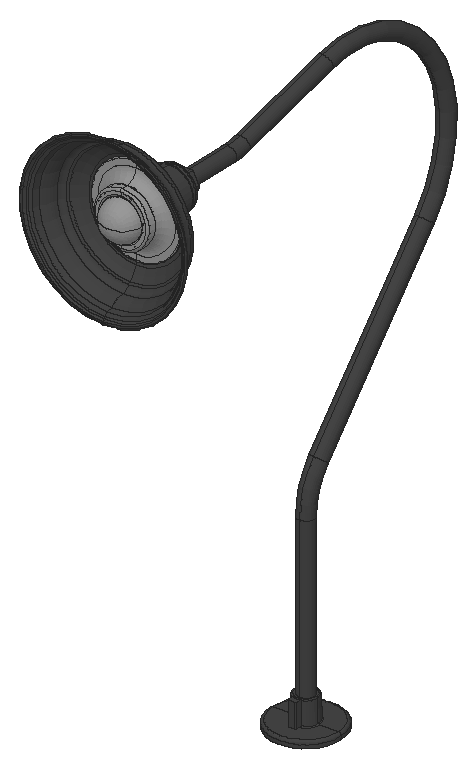
Revit family "BLE-G-WHB-G2-LED", category Lighting Fixtures, host Face, Revit 2022 (continued)
Definition of nested family "WHB Shade"
  Definition of nested family "SHD-0021"
    Reference planes (in)
      plane 42: x = -8.33276
      plane 43: x = -2.27776
      plane 44: z = 3.556
      plane 45: x = -5.39176
      plane 46: z = 7.958
      plane 47: x = -8.40976
      plane 48: x = -8.44276
    Forms (in)
      Extrusion 1, solid
        sketch origin (0.09263, 0, 0.02324) x (1, 0, 0) y (0, 1, 0)
          loop
            line (-48, 48) -> (-48, -48) -> (48, -48) -> (48, 48) -> (-48, 48)
        from -0.02324 to -12
      Revolve 2, solid, material <- "Shade Material"
        sketch origin (0, 0, 0) x (1, 0, 0) y (0, 0, 1)
          loop
            line (0, 0) -> (0, 0.03906) -> (-1.2768, 0.03906)
            arc (-1.2768, 0.03906) -> (-1.35899, 0.06907) -> (-1.4025, 0.14499) r 0.12754
            line (-1.4025, 0.14499) -> (-1.42739, 0.28969)
            arc (-1.42739, 0.28969) -> (-1.44233, 0.32466) -> (-1.47142, 0.34916) r 0.08217
            arc (-1.47142, 0.34916) -> (-1.49504, 0.36972) -> (-1.50591, 0.39908) r 0.06331
            line (-1.50591, 0.39908) -> (-1.68358, 2.08888)
            arc (-1.68358, 2.08888) -> (-1.84717, 2.40993) -> (-2.18358, 2.53906) r 0.50276
            line (-2.18358, 2.53906) -> (-2.27776, 2.53906)
            arc (-2.27776, 2.53906) -> (-2.34938, 2.56167) -> (-2.39504, 2.62131) r 0.12473
            arc (-2.39504, 2.62131) -> (-2.55131, 2.82856) -> (-2.79707, 2.91211) r 0.44133
            arc (-2.79707, 2.91211) -> (-2.83676, 2.91975) -> (-2.87199, 2.93956) r 0.1261
            line (-2.87199, 2.93956) -> (-2.92841, 2.98454)
            arc (-2.92841, 2.98454) -> (-3.00942, 3.0339) -> (-3.10018, 3.0615) r 0.37764
            arc (-3.10018, 3.0615) -> (-3.82518, 3.20008) -> (-4.54423, 3.36682) r 18.935
            arc (-4.54423, 3.36682) -> (-4.89816, 3.46771) -> (-5.25153, 3.57053) r 67.20826
            arc (-5.25153, 3.57053) -> (-5.42028, 3.70111) -> (-5.56302, 3.8597) r 1.19083
            arc (-5.56302, 3.8597) -> (-5.65452, 3.96172) -> (-5.76247, 4.04615) r 0.77987
            arc (-5.76247, 4.04615) -> (-5.88906, 4.18342) -> (-5.93432, 4.36459) r 0.37728
            arc (-5.93432, 4.36459) -> (-6.03243, 4.84456) -> (-6.31527, 5.24456) r 1.19223
            line (-6.31527, 5.24456) -> (-6.9641, 6.69444)
            arc (-6.9641, 6.69444) -> (-7.02564, 6.76847) -> (-7.10117, 6.82816) r 0.46277
            line (-7.10117, 6.82816) -> (-7.33587, 7.04516) -> (-7.45485, 7.04516)
            arc (-7.45485, 7.04516) -> (-7.50126, 6.99876) -> (-7.45485, 6.95235) r 0.0464
            line (-7.45485, 6.95235) -> (-7.29303, 6.95235) -> (-7.12501, 6.79701)
            arc (-7.12501, 6.79701) -> (-7.05533, 6.74284) -> (-6.99838, 6.67541) r 0.42371
            line (-6.99838, 6.67541) -> (-6.34765, 5.22128)
            arc (-6.34765, 5.22128) -> (-6.06985, 4.83266) -> (-5.97338, 4.3648) r 1.15316
            arc (-5.97338, 4.3648) -> (-5.92344, 4.16487) -> (-5.78374, 4.01338) r 0.41634
            arc (-5.78374, 4.01338) -> (-5.6812, 3.93319) -> (-5.59428, 3.83628) r 0.74081
            arc (-5.59428, 3.83628) -> (-5.4448, 3.67058) -> (-5.26784, 3.53461) r 1.2299
            arc (-5.26784, 3.53461) -> (-4.91136, 3.43086) -> (-4.55432, 3.32907) r 67.24732
            arc (-4.55432, 3.32907) -> (-3.83352, 3.16192) -> (-3.10676, 3.023) r 18.97406
            arc (-3.10676, 3.023) -> (-3.0254, 2.99825) -> (-2.95276, 2.954) r 0.33858
            line (-2.95276, 2.954) -> (-2.89634, 2.90902)
            arc (-2.89634, 2.90902) -> (-2.85019, 2.88307) -> (-2.79821, 2.87306) r 0.16516
            arc (-2.79821, 2.87306) -> (-2.57421, 2.79691) -> (-2.43176, 2.608) r 0.40227
            arc (-2.43176, 2.608) -> (-2.37181, 2.52969) -> (-2.27776, 2.5) r 0.1638
            line (-2.27776, 2.5) -> (-2.18358, 2.5)
            arc (-2.18358, 2.5) -> (-1.87331, 2.3809) -> (-1.72243, 2.08479) r 0.46369
            line (-1.72243, 2.08479) -> (-1.54476, 0.395)
            arc (-1.54476, 0.395) -> (-1.52718, 0.34751) -> (-1.48898, 0.31427) r 0.10237
            arc (-1.48898, 0.31427) -> (-1.47372, 0.30141) -> (-1.46588, 0.28307) r 0.04311
            line (-1.46588, 0.28307) -> (-1.441, 0.13837)
            arc (-1.441, 0.13837) -> (-1.38416, 0.0392) -> (-1.2768, 0) r 0.1666
            line (-1.2768, 0) -> (0, 0)
          axis (0, 7.04516) -> (0, 0)
        angle from 0 to 360
    Dimensions and locks (in)
      locked: plane 5 to Extrusion 1 at 0.137
      locked: plane 8 to plane 5 at 0.157
      locked: plane 10 to plane 8 at 0.017
      locked: plane 11 to plane 10 at 0.084
      locked: plane 13 to plane 11 at 1.693
      locked: plane 15 to plane 13 at 0.412
      locked: plane 17 to plane 15 at 0.108
      locked: plane 20 to plane 17 at 0.265
      locked: plane 21 to plane 20 at 0.022
      locked: plane 23 to plane 21 at 0.059
      locked: plane 25 to plane 23 at 0.069
      locked: plane 29 to plane 27 at 0.184
      locked: plane 31 to plane 29 at 0.344
      locked: plane 33 to plane 31 at 0.857
      locked: plane 35 to plane 33 at 2.157
      locked: plane 37 to plane 35 at 0.156
      locked: plane 39 to plane 37 at 0.168
      locked: plane 41 to plane 39 at 0.246
      locked: plane 16 to plane 43 at 0.097
      locked: plane 44 to plane 25 at 0.533
      locked: plane 27 to plane 44 at 0.45
      locked: plane 41 to plane 46 at 0.16
      locked: plane 3 "Center (Left/Right)" to plane 4 at 1.27876
      locked: plane 4 to plane 6 at 0.162
      locked: plane 6 to plane 9 at 0.041
      locked: plane 9 to plane 12 at 0.063
      locked: plane 12 to plane 14 at 0.178
      locked: plane 14 to plane 16 at 0.458
      locked: plane 43 to plane 18 at 0.154
      locked: plane 18 to plane 19 at 0.392
      locked: plane 19 to plane 22 at 0.055
      locked: plane 22 to plane 24 at 0.074
      locked: plane 24 to plane 26 at 0.154
      plane 3 "Center (Left/Right)" to plane 45 = 0' - 5.39176"
      locked: plane 36 to plane 38 at 0.193
      locked: plane 38 to plane 40 at 0.257
      locked: plane 40 to plane 42 at 0.135
      locked: plane 42 to plane 47 at 0.077
      locked: plane 47 to plane 48 at 0.033
      aligned and locked: plane 2 to Extrusion 1
      aligned and locked: level to Extrusion 1
      aligned and locked: Revolve 2 sketch curve to plane 3 "Center (Left/Right)"  (x2)
    Automatic sketch dimensions
      Extrusion 1 sketch curve to Extrusion 1 sketch curve = 8' - 0"  (x2)
      Revolve 2 sketch curve to Revolve 2 sketch curve = 0' - 0"  (x35)
      Revolve 2 sketch curve to plane 25 = 0' - 0"  (x2)
      Revolve 2 sketch curve to plane 26 = 0' - 0"
      Revolve 2 sketch curve to plane 23 = 0' - 0"
      Revolve 2 sketch curve to plane 24 = 0' - 0"
      Revolve 2 sketch curve to plane 17 = 0' - 0"  (x2)
      Revolve 2 sketch curve to plane 18 = 0' - 0"
      Revolve 2 sketch curve to plane 15 = 0' - 0"
      Revolve 2 sketch curve to plane 43 = 0' - 0"
      Revolve 2 sketch curve to plane 11 = 0' - 0"
      Revolve 2 sketch curve to plane 12 = 0' - 0"
      Revolve 2 sketch curve to level = 0' - 0"
      Revolve 2 sketch curve to Revolve 2 sketch curve = 0' - 0.21107"
      plane 31 to Revolve 2 sketch curve = 0' - 0.03985"
      plane 45 to Revolve 2 sketch curve = 0' - 0.78168"
      Revolve 2 sketch curve to plane 45 = 0' - 0.16528"
      plane 30 to Revolve 2 sketch curve = 0' - 0.04167"
      Revolve 2 sketch curve to plane 30 = 0' - 0.08651"
      Revolve 2 sketch curve to Revolve 2 sketch curve = 0' - 0.03238"
      Revolve 2 sketch curve to plane 34 = 0' - 0.18134"
      Revolve 2 sketch curve to Revolve 2 sketch curve = 0' - 0.03428"
      Revolve 2 sketch curve to Revolve 2 sketch curve = 0' - 0.10279"
      Revolve 2 sketch curve to Revolve 2 sketch curve = 0' - 0.02385"
      Revolve 2 sketch curve to plane 31 = 0' - 0.1631"
      Revolve 2 sketch curve to plane 34 = 0' - 0 11/32"
      Revolve 2 sketch curve to Revolve 2 sketch curve = 0' - 0.19186"
      plane 36 to Revolve 2 sketch curve = 0' - 0.39897"
      Revolve 2 sketch curve to Revolve 2 sketch curve = 0' - 0.16182"
      plane 24 to Revolve 2 sketch curve = 0' - 0.02435"
      plane 21 to Revolve 2 sketch curve = 0' - 0.01402"
      Revolve 2 sketch curve to plane 22 = 0' - 0.01758"
      plane 22 to Revolve 2 sketch curve = 0' - 0.00677"
      plane 19 to Revolve 2 sketch curve = 0' - 0.01379"
      plane 25 to Revolve 2 sketch curve = 0' - 0.01516"
      Revolve 2 sketch curve to plane 16 = 0' - 0.00281"
      plane 14 to Revolve 2 sketch curve = 0' - 0.00034"
      plane 13 to Revolve 2 sketch curve = 0' - 0.00088"
      Revolve 2 sketch curve to Revolve 2 sketch curve = 0' - 0.03885"
      Revolve 2 sketch curve to plane 9 = 0' - 0.02661"
      plane 11 to Revolve 2 sketch curve = 0' - 0.00408"
      Revolve 2 sketch curve to plane 9 = 0' - 0.02415"
      plane 7 to Revolve 2 sketch curve = 0' - 0.00188"
      Revolve 2 sketch curve to plane 6 = 0' - 0.00219"
      Revolve 2 sketch curve to plane 6 = 0' - 0.00024"
      Revolve 2 sketch curve to plane 8 = 0' - 0.00431"
      plane 6 to Revolve 2 sketch curve = 0' - 0.01338"
      plane 5 to Revolve 2 sketch curve = 0' - 0.00799"
      plane 6 to Revolve 2 sketch curve = 0' - 0.03826"
      plane 4 to Revolve 2 sketch curve = 0' - 0.00196"
      plane 3 "Center (Left/Right)" to Revolve 2 sketch curve = 0' - 0.09162"
      plane 3 "Center (Left/Right)" to Revolve 2 sketch curve = 1' - 1.70309"
      level to Revolve 2 sketch curve = 0' - 0 5/128"
      plane 11 to Revolve 2 sketch curve = 0' - 0.0107"
      Revolve 2 sketch curve to plane 23 = 0' - 0.01444"
      plane 23 to Revolve 2 sketch curve = 0' - 0.03054"
      Revolve 2 sketch curve to plane 44 = 0' - 0.16398"
      Revolve 2 sketch curve to plane 31 = 0' - 0.1714"
      Revolve 2 sketch curve to plane 33 = 0' - 0.16972"
      Revolve 2 sketch curve to Revolve 2 sketch curve = 0' - 0.02328"
      plane 33 to Revolve 2 sketch curve = 0' - 1.04622"
      Revolve 2 sketch curve to Revolve 2 sketch curve = 0' - 0.23818"
      Revolve 2 sketch curve to Revolve 2 sketch curve = 0' - 0.01904"
      Revolve 2 sketch curve to Revolve 2 sketch curve = 0' - 0.12419"
      Revolve 2 sketch curve to Revolve 2 sketch curve = 0' - 0.0464"
      Revolve 2 sketch curve to Revolve 2 sketch curve = 3' - 10.325"
      Revolve 2 sketch curve to plane 44 = 0' - 0.18918"
      plane 45 to Revolve 2 sketch curve = 0' - 0.84753"
      Revolve 2 sketch curve to Revolve 2 sketch curve = 0' - 0.01009"
      plane 44 to Revolve 2 sketch curve = 0' - 0.01453"
      Revolve 2 sketch curve to plane 44 = 0' - 0.02139"
      Revolve 2 sketch curve to Revolve 2 sketch curve = 0' - 0.04284"
      plane 11 to Revolve 2 sketch curve = 0' - 0.32444"
      plane 13 to Revolve 2 sketch curve = 0' - 0.162"
Definition of nested family "ACR-0306"
  Parameters (values of type "Flat")
    Flat = yes
    Dome = no
    Default Elevation = 2' - 0"
  Types (3): name | Flat | Dome
    (no name) | yes | no
    Dome | no | yes
    Flat | yes | no
  Reference planes (in)
    plane 1 "Center (Front/Back)": y = 0
    plane 2: z = 0
    plane 3 "Center (Left/Right)": x = 0
  Forms (in)
    Extrusion 1, solid
      sketch origin (0, 0, 0) x (1, 0, 0) y (0, 1, 0)
        loop
          line (-48, 48) -> (-48, -48) -> (48, -48) -> (48, 48) -> (-48, 48)
      from 0 to -12
  Dimensions and locks (in)
    aligned and locked: plane 2 to Extrusion 1
    aligned and locked: level to Extrusion 1
    aligned and locked: plane 3 "Center (Left/Right)" to nested 1
    aligned and locked: plane 1 "Center (Front/Back)" to nested 1
    aligned and locked: plane 1 "Center (Front/Back)" to nested 2
    aligned and locked: plane 3 "Center (Left/Right)" to nested 2
  Nested families (in)
    nested 1: "ACR-0306-FL" at (0, 0, 0), visible <- "Flat", type "ACR-0306-FL"
    nested 2: "ACR-0306-DL" at (0, 0, 0), visible <- "Dome", type "ACR-0306-DL"
  Definition of nested family "ACR-0306-FL"
    Parameters (values of type "ACR-0306-FL")
      Default Elevation = 2' - 0"
    Reference planes (in)
      plane 1 "Center (Front/Back)": y = 0
      plane 2: z = 0
      plane 3 "Center (Left/Right)": x = 0
    Forms (in)
      Extrusion 1, solid
        sketch origin (0, 0, 0) x (1, 0, 0) y (0, 1, 0)
          loop
            line (-48, 48) -> (-48, -48) -> (48, -48) -> (48, 48) -> (-48, 48)
        from 0 to -12
      Revolve 2, solid
        sketch origin (0, 0, 0) x (1, 0, 0) y (0, 0, 1)
          loop
            line (0, 0) -> (0, 0.0811) -> (-1.55567, 0.0811)
            arc (-1.55567, 0.0811) -> (-1.56963, 0.07532) -> (-1.57541, 0.06137) r 0.01973
            line (-1.57541, 0.06137) -> (-1.57541, 0) -> (0, 0)
          axis (0, 0.0811) -> (0, 0)
        angle from 0 to 360
    Dimensions and locks (in)
      aligned and locked: plane 2 to Extrusion 1
      aligned and locked: level to Extrusion 1
      aligned and locked: Revolve 2 sketch curve to plane 3 "Center (Left/Right)"
    Automatic sketch dimensions
      Extrusion 1 sketch curve to Extrusion 1 sketch curve = 8' - 0"  (x2)
      Revolve 2 sketch curve to plane 3 "Center (Left/Right)" = 0' - 0"
      Revolve 2 sketch curve to level = 0' - 0"
      level to Revolve 2 sketch curve = 0' - 0.06137"
      Revolve 2 sketch curve to plane 3 "Center (Left/Right)" = 0' - 1.55567"
      Revolve 2 sketch curve to Revolve 2 sketch curve = 0' - 0.01973"
      Revolve 2 sketch curve to Revolve 2 sketch curve = 0' - 0.42716"
      Revolve 2 sketch curve to Revolve 2 sketch curve = 0' - 1.63223"
  Definition of nested family "ACR-0306-DL"
    Parameters (values of type "ACR-0306-DL")
      Default Elevation = 2' - 0"
    Reference planes (in)
      plane 1 "Center (Front/Back)": y = 0
      plane 2: z = 0
      plane 3 "Center (Left/Right)": x = 0
    Forms (in)
      Extrusion 1, solid
        sketch origin (0, 0, 0) x (1, 0, 0) y (0, 1, 0)
          loop
            line (-48, 48) -> (-48, -48) -> (48, -48) -> (48, 48) -> (-48, 48)
        from 0 to -12
      Revolve 2, solid
        sketch origin (0, 0, 0) x (1, 0, 0) y (0, 0, 1)
          loop
            arc (-1.31383, 0) -> (-1.24748, 0.02724) -> (-1.2194, 0.09324) r 0.09444
            arc (-1.2194, 0.09324) -> (-0.85683, 0.94555) -> (0, 1.29728) r 1.2195
            line (0, 1.29728) -> (0, 1.37984)
            arc (0, 1.37984) -> (-0.90946, 1.00889) -> (-1.30005, 0.1077) r 1.30036
            arc (-1.30005, 0.1077) -> (-1.30822, 0.08886) -> (-1.32723, 0.0811) r 0.02719
            line (-1.32723, 0.0811) -> (-1.55567, 0.0811)
            arc (-1.55567, 0.0811) -> (-1.56963, 0.07532) -> (-1.57541, 0.06137) r 0.01973
            line (-1.57541, 0.06137) -> (-1.57541, 0) -> (-1.31383, 0)
          axis (0, 1.37984) -> (0, 0)
        angle from 0 to 360
    Dimensions and locks (in)
      aligned and locked: plane 2 to Extrusion 1
      aligned and locked: level to Extrusion 1
      aligned and locked: Revolve 2 sketch curve to plane 3 "Center (Left/Right)"
    Automatic sketch dimensions
      Extrusion 1 sketch curve to Extrusion 1 sketch curve = 8' - 0"  (x2)
      Revolve 2 sketch curve to level = 0' - 0"
      Revolve 2 sketch curve to plane 3 "Center (Left/Right)" = 0' - 0"  (x3)
      Revolve 2 sketch curve to plane 3 "Center (Left/Right)" = 0' - 1.31383"
      Revolve 2 sketch curve to Revolve 2 sketch curve = 0' - 0.0134"
      level to Revolve 2 sketch curve = 0' - 0.06137"
      Revolve 2 sketch curve to Revolve 2 sketch curve = 0' - 0.22844"
      Revolve 2 sketch curve to Revolve 2 sketch curve = 0' - 0.01973"
      level to Revolve 2 sketch curve = 0' - 0.07778"
      Revolve 2 sketch curve to Revolve 2 sketch curve = 0' - 0.00169"
      Revolve 2 sketch curve to Revolve 2 sketch curve = 0' - 0.01334"
      Revolve 2 sketch curve to Revolve 2 sketch curve = 0' - 0.01385"
      Revolve 2 sketch curve to Revolve 2 sketch curve = 0' - 1.2178"
      Revolve 2 sketch curve to Revolve 2 sketch curve = 0' - 0.08255"
      Revolve 2 sketch curve to level = 0' - 0.42716"
      Revolve 2 sketch curve to Revolve 2 sketch curve = 0' - 0.3335"
Definition of nested family "RNG-0007"
  Parameters (values of type "RNG-0007")
    Default Elevation = 2' - 0"
  Reference planes (in)
    plane 1 "Center (Front/Back)": y = 0
    plane 2: z = 0
    plane 3 "Center (Left/Right)": x = 0
    plane 4: x = -1.35
  Forms (in)
    Extrusion 1, solid
      sketch origin (0, 0, 0.00163) x (1, 0, 0) y (0, 1, 0)
        loop
          line (-48, 48) -> (-48, -48) -> (48, -48) -> (48, 48) -> (-48, 48)
      from -0.00163 to -12
    Revolve 2, solid
      sketch origin (0, 0, 0) x (1, 0, 0) y (0, 0, 1)
        loop
          line (-1.62365, -0.38995) -> (-1.62365, 0) -> (-1.35, 0) -> (-1.35, 0.0714) -> (-1.42851, 0.14991) -> (-1.67485, 0.14991)
          arc (-1.67485, 0.14991) -> (-1.76216, 0.11443) -> (-1.79998, 0.02812) r 0.12517
          line (-1.79998, 0.02812) -> (-1.81128, -0.38995) -> (-1.62365, -0.38995)
        axis (0, 0.14991) -> (0, -0.38995)
      angle from 0 to 360
  Dimensions and locks (in)
    locked: plane 3 "Center (Left/Right)" to plane 4 at 1.35
    aligned and locked: plane 2 to Extrusion 1
    aligned and locked: level to Extrusion 1
    aligned and locked: Revolve 2 sketch curve to plane 3 "Center (Left/Right)"
  Automatic sketch dimensions
    Extrusion 1 sketch curve to Extrusion 1 sketch curve = 8' - 0"  (x2)
    Revolve 2 sketch curve to level = 0' - 0.38995"
    Revolve 2 sketch curve to plane 4 = 0' - 0"
    Revolve 2 sketch curve to plane 4 = 0' - 0.07851"
    Revolve 2 sketch curve to Revolve 2 sketch curve = 0' - 0.19514"
    Revolve 2 sketch curve to Revolve 2 sketch curve = 0' - 0.0512"
    Revolve 2 sketch curve to Revolve 2 sketch curve = 0' - 0.12513"
    Revolve 2 sketch curve to Revolve 2 sketch curve = 0' - 0.18763"
    Revolve 2 sketch curve to Revolve 2 sketch curve = 0' - 0.38995"
    Revolve 2 sketch curve to Revolve 2 sketch curve = 0' - 0.02473"
    Revolve 2 sketch curve to Revolve 2 sketch curve = 0' - 0.0714"
    Revolve 2 sketch curve to level = 0' - 0.0832"
    level to Revolve 2 sketch curve = 0' - 0.71355"
Definition of nested family "CPL-0004"
  Parameters (values of type "CPL-0004")
    Coupler Material = none
    Default Elevation = 2' - 0"
  Reference planes (in)
    plane 1 "Center (Front/Back)": y = 0
    plane 2: z = 0
    plane 3 "Center (Left/Right)": x = 0
    plane 4 "Wood Height": z = 0
    plane 5: y = 0.875
    plane 6: z = 0.4
  Forms (in)
    Extrusion 1, solid
      sketch origin (0, 0, 0) x (1, 0, 0) y (0, 1, 0)
        loop
          line (-48, 48) -> (-48, -48) -> (48, -48) -> (48, 48) -> (-48, 48)
      from 0 to -12
    Extrusion 2, solid, material <- "Coupler Material"
      sketch origin (0, 0, 0) x (1, 0, 0) y (0, 1, 0)
        loop
          line (-0.54127, 0.8125) -> (-0.97428, 0.0625)
          arc (-0.97428, 0.0625) -> (-0.99103, 0) -> (-0.97428, -0.0625) r 0.125
          line (-0.97428, -0.0625) -> (-0.54127, -0.8125)
          arc (-0.54127, -0.8125) -> (-0.49551, -0.85825) -> (-0.43301, -0.875) r 0.125
          line (-0.43301, -0.875) -> (0.43301, -0.875)
          arc (0.43301, -0.875) -> (0.49551, -0.85825) -> (0.54127, -0.8125) r 0.125
          line (0.54127, -0.8125) -> (0.97428, -0.0625)
          arc (0.97428, -0.0625) -> (0.99103, 0) -> (0.97428, 0.0625) r 0.125
          line (0.97428, 0.0625) -> (0.54127, 0.8125)
          arc (0.54127, 0.8125) -> (0.49551, 0.85825) -> (0.43301, 0.875) r 0.125
          line (0.43301, 0.875) -> (-0.43301, 0.875)
          arc (-0.43301, 0.875) -> (-0.49551, 0.85825) -> (-0.54127, 0.8125) r 0.125
      from 0 to 0.4
    Revolve 3, solid, material <- "Coupler Material"
      sketch origin (0, 0, 0) x (1, 0, 0) y (0, 0, 1)
        loop
          line (0, 0.65018) -> (-1.00921, 0.65018) -> (-1.03665, 0.61971) -> (-1.02973, 0.43008)
          arc (-1.02973, 0.43008) -> (-1.02417, 0.41239) -> (-1.01036, 0.4) r 0.03506
          line (-1.01036, 0.4) -> (0, 0.4) -> (0, 0.65018)
        axis (0, 0.65018) -> (0, 0.4)
      angle from 0 to 360
  Dimensions and locks (in)
    locked: plane 5 to plane 1 "Center (Front/Back)" at 0.875
    locked: plane 6 to Extrusion 1 at 0.4
    aligned and locked: plane 2 to Extrusion 1
    aligned and locked: level to Extrusion 1
    aligned and locked: Extrusion 1 to plane 4 "Wood Height"
    aligned and locked: Revolve 3 sketch curve to plane 3 "Center (Left/Right)"
  Automatic sketch dimensions
    Extrusion 1 sketch curve to Extrusion 1 sketch curve = 8' - 0"  (x2)
    Revolve 3 sketch curve to plane 6 = 0' - 0"
    Revolve 3 sketch curve to plane 3 "Center (Left/Right)" = 0' - 0"
    plane 6 to Revolve 3 sketch curve = 0' - 0.03136"
    Revolve 3 sketch curve to plane 3 "Center (Left/Right)" = 0' - 0.99469"
    plane 6 to Revolve 3 sketch curve = 0' - 0.25018"
    Revolve 3 sketch curve to Revolve 3 sketch curve = 0' - 0.01453"
    Revolve 3 sketch curve to Revolve 3 sketch curve = 0' - 0.01568"
    plane 6 to Revolve 3 sketch curve = 0' - 0.03008"
    plane 6 to Revolve 3 sketch curve = 0' - 0.21971"
    Revolve 3 sketch curve to Revolve 3 sketch curve = 0' - 0.02744"
    Revolve 3 sketch curve to level = 0' - 0.16839"
    Revolve 3 sketch curve to Revolve 3 sketch curve = 0' - 0.1618"
    plane 1 "Center (Front/Back)" to Extrusion 2 sketch curve = 0' - 0"  (x2)
    Extrusion 2 sketch curve to plane 5 = 0' - 0"
    Extrusion 2 sketch curve to plane 1 "Center (Front/Back)" = 0' - 0 1/16"  (x2)
    plane 1 "Center (Front/Back)" to Extrusion 2 sketch curve = 0' - 0 1/16"  (x2)
    Extrusion 2 sketch curve to Extrusion 2 sketch curve = 0' - 0.10825"  (x4)
    Extrusion 2 sketch curve to plane 3 "Center (Left/Right)" = 0' - 0.54127"
    Extrusion 2 sketch curve to plane 5 = 0' - 0 1/16"  (x2)
    plane 3 "Center (Left/Right)" to Extrusion 2 sketch curve = 0' - 0.43301"  (x2)
Definition of nested family "103805"
  Parameters (values of type "103805")
    Heat Sink 6" = yes
    Default Elevation = 2' - 0"
  Reference planes (in)
    plane 1 "Center (Front/Back)": y = 0
    plane 2: z = 0
    plane 3 "Center (Left/Right)": x = 0
  Forms (in)
    Extrusion 1, solid
      sketch origin (0, 0, 0) x (1, 0, 0) y (0, 1, 0)
        loop
          line (-48, 48) -> (-48, -48) -> (48, -48) -> (48, 48) -> (-48, 48)
      from 0 to -12
    Revolve 2, solid, visible <- "Heat Sink 6""
      sketch origin (0, 0, 0) x (1, 0, 0) y (0, 0, 1)
        loop
          line (0, 0) -> (0, 0.62434) -> (-1.30334, 0.62434)
          arc (-1.30334, 0.62434) -> (-1.32437, 0.63289) -> (-1.33347, 0.65368) r 0.03013
          line (-1.33347, 0.65368) -> (-1.34912, 1.25004) -> (-1.62392, 1.25004) -> (-1.62392, 0.90054) -> (-1.81218, 0.90054)
          arc (-1.81218, 0.90054) -> (-2.04769, 0.40262) -> (-2.55995, 0.20019) r 0.74937
          line (-2.55995, 0.20019) -> (-2.95038, 0.20019)
          arc (-2.95038, 0.20019) -> (-2.98337, 0.18703) -> (-2.99824, 0.15477) r 0.04793
          line (-2.99824, 0.15477) -> (-2.99996, 0.12184) -> (-2.88993, 0.01181)
          arc (-2.88993, 0.01181) -> (-2.87685, 0.00307) -> (-2.86143, 0) r 0.04031
          line (-2.86143, 0) -> (0, 0)
        axis (0, 1.25004) -> (0, 0)
      angle from 0 to 360
  Dimensions and locks (in)
    aligned and locked: plane 2 to Extrusion 1
    aligned and locked: level to Extrusion 1
    aligned and locked: Revolve 2 sketch curve to plane 3 "Center (Left/Right)"
  Automatic sketch dimensions
    Extrusion 1 sketch curve to Extrusion 1 sketch curve = 8' - 0"  (x2)
    Revolve 2 sketch curve to level = 0' - 0"
    Revolve 2 sketch curve to plane 3 "Center (Left/Right)" = 0' - 0"
    level to Revolve 2 sketch curve = 0' - 0.62434"
    Revolve 2 sketch curve to plane 3 "Center (Left/Right)" = 0' - 1.30334"
    Revolve 2 sketch curve to Revolve 2 sketch curve = 0' - 0.03012"
    Revolve 2 sketch curve to Revolve 2 sketch curve = 0' - 0.29046"
    Revolve 2 sketch curve to Revolve 2 sketch curve = 0' - 0.18826"
    level to Revolve 2 sketch curve = 0' - 0.20019"
    Revolve 2 sketch curve to Revolve 2 sketch curve = 0' - 0.74777"
    Revolve 2 sketch curve to Revolve 2 sketch curve = 0' - 0.30148"
    level to Revolve 2 sketch curve = 0' - 0.01181"
    Revolve 2 sketch curve to Revolve 2 sketch curve = 0' - 0.0285"
    Revolve 2 sketch curve to Revolve 2 sketch curve = 0' - 0.08895"
    level to Revolve 2 sketch curve = 0' - 0.15477"
    Revolve 2 sketch curve to Revolve 2 sketch curve = 0' - 0.04786"
    Revolve 2 sketch curve to Revolve 2 sketch curve = 0' - 0.24686"
    Revolve 2 sketch curve to Revolve 2 sketch curve = 0' - 0.3495"
    Revolve 2 sketch curve to Revolve 2 sketch curve = 0' - 0.27481"
    Revolve 2 sketch curve to level = 0' - 1.22145"
    Revolve 2 sketch curve to Revolve 2 sketch curve = 0' - 1.65421"
Definition of nested family "103264"
  Parameters (values of type "103264")
    Heat Sink 9" = yes
    Default Elevation = 2' - 0"
  Reference planes (in)
    plane 1 "Center (Front/Back)": y = 0
    plane 2: z = 0
    plane 3 "Center (Left/Right)": x = 0
  Forms (in)
    Extrusion 1, solid
      sketch origin (0, 0, 0) x (1, 0, 0) y (0, 1, 0)
        loop
          line (-48, 48) -> (-48, -48) -> (48, -48) -> (48, 48) -> (-48, 48)
      from 0 to -12
    Revolve 2, solid, visible <- "Heat Sink 9""
      sketch origin (0, 0, 0) x (1, 0, 0) y (0, 0, 1)
        loop
          line (0, 0) -> (0, 0.62434) -> (-1.30334, 0.62434)
          arc (-1.30334, 0.62434) -> (-1.32437, 0.63289) -> (-1.33347, 0.65368) r 0.03013
          line (-1.33347, 0.65368) -> (-1.34912, 1.25004) -> (-1.62392, 1.25004) -> (-1.62392, 0.90054) -> (-1.81218, 0.90054)
          arc (-1.81218, 0.90054) -> (-2.04769, 0.40262) -> (-2.55995, 0.20019) r 0.74937
          line (-2.55995, 0.20019) -> (-4.45232, 0.20019)
          arc (-4.45232, 0.20019) -> (-4.48531, 0.18703) -> (-4.50018, 0.15477) r 0.04793
          line (-4.50018, 0.15477) -> (-4.50191, 0.12184) -> (-4.39187, 0.01181)
          arc (-4.39187, 0.01181) -> (-4.3788, 0.00307) -> (-4.36337, 0) r 0.04031
          line (-4.36337, 0) -> (0, 0)
        axis (0, 1.25004) -> (0, 0)
      angle from 0 to 360
  Dimensions and locks (in)
    aligned and locked: plane 2 to Extrusion 1
    aligned and locked: level to Extrusion 1
    aligned and locked: Revolve 2 sketch curve to plane 3 "Center (Left/Right)"
  Automatic sketch dimensions
    Extrusion 1 sketch curve to Extrusion 1 sketch curve = 8' - 0"  (x2)
    Revolve 2 sketch curve to level = 0' - 0"
    Revolve 2 sketch curve to plane 3 "Center (Left/Right)" = 0' - 0"
    level to Revolve 2 sketch curve = 0' - 0.62434"
    Revolve 2 sketch curve to plane 3 "Center (Left/Right)" = 0' - 1.30334"
    Revolve 2 sketch curve to Revolve 2 sketch curve = 0' - 0.03012"
    Revolve 2 sketch curve to Revolve 2 sketch curve = 0' - 0.29046"
    Revolve 2 sketch curve to Revolve 2 sketch curve = 0' - 0.18826"
    level to Revolve 2 sketch curve = 0' - 0.20019"
    Revolve 2 sketch curve to Revolve 2 sketch curve = 0' - 0.74777"
    Revolve 2 sketch curve to Revolve 2 sketch curve = 0' - 1.80342"
    level to Revolve 2 sketch curve = 0' - 0.01181"
    Revolve 2 sketch curve to Revolve 2 sketch curve = 0' - 0.0285"
    Revolve 2 sketch curve to Revolve 2 sketch curve = 0' - 0.08895"
    level to Revolve 2 sketch curve = 0' - 0.15477"
    Revolve 2 sketch curve to Revolve 2 sketch curve = 0' - 0.04786"
    Revolve 2 sketch curve to Revolve 2 sketch curve = 0' - 0.24686"
    Revolve 2 sketch curve to Revolve 2 sketch curve = 0' - 0.3495"
    Revolve 2 sketch curve to Revolve 2 sketch curve = 0' - 0.27481"
    Revolve 2 sketch curve to level = 0' - 1.22145"
    Revolve 2 sketch curve to Revolve 2 sketch curve = 0' - 1.65421"
Types (9): name | Heat Sink 6" | Heat Sink | Heat Sink 9" | Flat | Dome | 17" | 15" | 13" | 11"
  (no name) | yes | 1' - 1 3/4" | no | no | yes | no | no | no | yes
  11" Dome | yes | 1' - 1 3/4" | no | no | yes | no | no | no | yes
  13" Dome | no | 1' - 2 19/128" | yes | no | yes | no | no | yes | no
  15" Dome | no | 1' - 2 13/256" | yes | no | yes | no | yes | no | no
  17" Dome | no | 1' - 2 13/256" | yes | no | yes | yes | no | no | no
  11" Flat | yes | 1' - 1 3/4" | no | yes | no | no | no | no | yes
  13" Flat | no | 1' - 2 19/128" | yes | yes | no | no | no | yes | no
  15" Flat | no | 1' - 2 13/256" | yes | yes | no | no | yes | no | no
  17" Flat | no | 1' - 2 13/256" | yes | yes | no | yes | no | no | no
